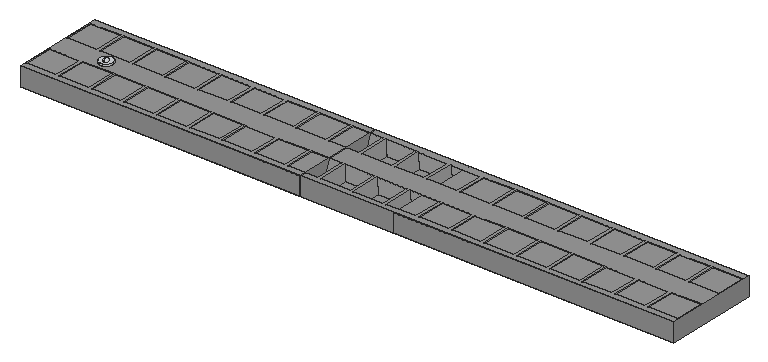
Revit family "2023780", category Lighting Fixtures, host Face, Revit 2018 (continued)
Automatic sketch dimensions
  Blend 64 sketch curve to plane 6 = 23.5 mm
  Blend 65 sketch curve to plane 12 = 0 mm
  Blend 65 sketch curve to plane 49 = 0 mm
  Blend 65 sketch curve to plane 51 = 0.009 mm
  Blend 65 sketch curve to plane 6 = 13 mm
  plane 49 to Blend 65 sketch curve = 10.5 mm
  Blend 65 sketch curve to plane 51 = 10.509 mm
  plane 12 to Blend 65 sketch curve = 10.5 mm
  Blend 65 sketch curve to plane 6 = 23.5 mm
  Extrusion 66 sketch curve to plane 59 = 0 mm
  Extrusion 66 sketch curve to plane 58 = 0 mm
  plane 12 to Extrusion 66 sketch curve = 10.5 mm
  Extrusion 66 sketch curve to plane 6 = 23.5 mm
  plane 50 to Extrusion 67 sketch curve = 10.5 mm
  Extrusion 67 sketch curve to plane 14 = 10.5 mm
  plane 12 to Extrusion 67 sketch curve = 10.5 mm
  Extrusion 67 sketch curve to plane 6 = 23.5 mm
  plane 15 to Extrusion 68 sketch curve = 10.5 mm
  Extrusion 68 sketch curve to plane 16 = 10.5 mm
  plane 12 to Extrusion 68 sketch curve = 10.5 mm
  Extrusion 68 sketch curve to plane 6 = 23.5 mm
  plane 17 to Extrusion 69 sketch curve = 10.5 mm
  Extrusion 69 sketch curve to plane 18 = 10.5 mm
  plane 12 to Extrusion 69 sketch curve = 10.5 mm
  Extrusion 69 sketch curve to plane 6 = 23.5 mm
  plane 19 to Extrusion 70 sketch curve = 10.5 mm
  Extrusion 70 sketch curve to plane 20 = 10.5 mm
  plane 12 to Extrusion 70 sketch curve = 10.5 mm
  Extrusion 70 sketch curve to plane 6 = 23.5 mm
  plane 21 to Extrusion 71 sketch curve = 10.5 mm
  Extrusion 71 sketch curve to plane 22 = 10.5 mm
  plane 12 to Extrusion 71 sketch curve = 10.5 mm
  Extrusion 71 sketch curve to plane 6 = 23.5 mm
  plane 23 to Extrusion 72 sketch curve = 10.5 mm
  Extrusion 72 sketch curve to plane 24 = 10.5 mm
  plane 12 to Extrusion 72 sketch curve = 10.5 mm
  Extrusion 72 sketch curve to plane 6 = 23.5 mm
  plane 31 to Extrusion 73 sketch curve = 10.5 mm
  Extrusion 73 sketch curve to plane 32 = 10.5 mm
  plane 12 to Extrusion 73 sketch curve = 10.5 mm
  Extrusion 73 sketch curve to plane 6 = 23.5 mm
  plane 33 to Extrusion 74 sketch curve = 10.5 mm
  Extrusion 74 sketch curve to plane 34 = 10.5 mm
  plane 12 to Extrusion 74 sketch curve = 10.5 mm
  Extrusion 74 sketch curve to plane 6 = 23.5 mm
  plane 35 to Extrusion 75 sketch curve = 10.5 mm
  Extrusion 75 sketch curve to plane 36 = 10.5 mm
  plane 12 to Extrusion 75 sketch curve = 10.5 mm
  Extrusion 75 sketch curve to plane 6 = 23.5 mm
  plane 37 to Extrusion 76 sketch curve = 10.5 mm
  Extrusion 76 sketch curve to plane 38 = 10.5 mm
  plane 12 to Extrusion 76 sketch curve = 10.5 mm
  Extrusion 76 sketch curve to plane 6 = 23.5 mm
  plane 39 to Extrusion 77 sketch curve = 10.5 mm
  Extrusion 77 sketch curve to plane 40 = 10.5 mm
  plane 12 to Extrusion 77 sketch curve = 10.5 mm
  Extrusion 77 sketch curve to plane 6 = 23.5 mm
  plane 41 to Extrusion 78 sketch curve = 10.5 mm
  Extrusion 78 sketch curve to plane 42 = 10.5 mm
  plane 12 to Extrusion 78 sketch curve = 10.5 mm
  Extrusion 78 sketch curve to plane 6 = 23.5 mm
  plane 43 to Extrusion 79 sketch curve = 10.5 mm
  Extrusion 79 sketch curve to plane 44 = 10.5 mm
  plane 12 to Extrusion 79 sketch curve = 10.5 mm
  Extrusion 79 sketch curve to plane 6 = 23.5 mm
  plane 45 to Extrusion 80 sketch curve = 10.5 mm
  Extrusion 80 sketch curve to plane 46 = 10.5 mm
  plane 12 to Extrusion 80 sketch curve = 10.5 mm
  Extrusion 80 sketch curve to plane 6 = 23.5 mm
  plane 47 to Extrusion 81 sketch curve = 10.5 mm
  Extrusion 81 sketch curve to plane 48 = 10.5 mm
  plane 12 to Extrusion 81 sketch curve = 10.5 mm
  Extrusion 81 sketch curve to plane 6 = 23.5 mm
  plane 49 to Extrusion 82 sketch curve = 10.5 mm
  Extrusion 82 sketch curve to plane 51 = 10.509 mm
  plane 12 to Extrusion 82 sketch curve = 10.5 mm
  Extrusion 82 sketch curve to plane 6 = 23.5 mm
  plane 25 to Extrusion 83 sketch curve = 10.5 mm
  Extrusion 83 sketch curve to plane 26 = 10.5 mm
  plane 12 to Extrusion 83 sketch curve = 10.5 mm
  Extrusion 83 sketch curve to plane 6 = 23.5 mm
  plane 27 to Extrusion 84 sketch curve = 10.5 mm
  Extrusion 84 sketch curve to plane 28 = 10.5 mm
  plane 12 to Extrusion 84 sketch curve = 10.5 mm
  Extrusion 84 sketch curve to plane 6 = 23.5 mm
  plane 29 to Extrusion 85 sketch curve = 10.5 mm
  Extrusion 85 sketch curve to plane 30 = 10.5 mm
  plane 12 to Extrusion 85 sketch curve = 10.5 mm
  Extrusion 85 sketch curve to plane 6 = 23.5 mm
  Extrusion 86 sketch curve to plane 4 = 0 mm
  Extrusion 86 sketch curve to plane 5 = 0 mm
  Extrusion 86 sketch curve to plane 7 = 0 mm
  Extrusion 86 sketch curve to plane 6 = 0 mm
  plane 1 "Center (Front/Back)" to Extrusion 87 sketch curve = 0 mm
  Extrusion 87 sketch curve to plane 60 = 0 mm
  Revolve 88 sketch curve to plane 61 = 0 mm
  Revolve 88 sketch curve to plane 1 "Center (Front/Back)" = 0 mm  (x2)
  plane 62 to Revolve 88 sketch curve = 0.005 mm
  plane 1 "Center (Front/Back)" to Revolve 88 sketch curve = 0.025 mm
  plane 8 to Revolve 88 sketch curve = 3.005 mm
  Revolve 88 sketch curve to plane 8 = 0.612 mm
  plane 62 to Revolve 88 sketch curve = 0.198 mm
  radius of Extrusion 87 sketch curve = 14 mm
Connectors
  electrical at (0, 0, 0), driven by "Apparent Load", driven by "PowerFactor", driven by "Voltage"
    settings: index 1, voltage 0 V, apparent load 42 VA, apparent load phase1 0 VA, apparent load phase2 0 VA, apparent load phase3 0 VA, power factor 0, load classification "Lighting", number of poles 1, system type 30, power factor state 1, is connector primary yes, connector utility no, sub classification motor no, connector description ""
